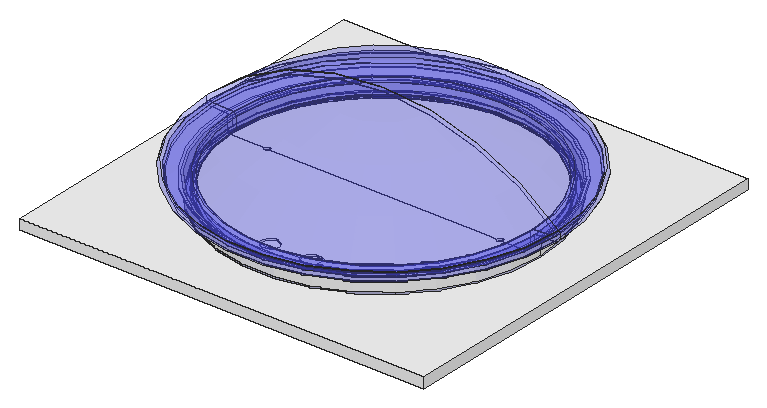
Revit family "BE_12139P_de_DE", category Leuchten, Revit 2020
Family settings
  Basisbauteil = Fläche
  Bemaßung runder Anschluss = Durchmesser verwenden
  Teiletyp = Normal
  Beim Laden mit Abzugskörper schneiden = Ja
  Lichtquelle = Ja
  Gemeinsam genutzt = Nein
  Raumberechnungspunkt = Ja
Parameters (values of type "BEGA_12139P_K3")
  built-in parameter 1150104 = 11.604 (stored number, unit not read)
  Wattage = 26.9 W
  Default Elevation = 0 mm
  built-in parameter 1150113 = 1 (stored number, unit not read)
  built-in parameter 1114218 = 1 (stored number, unit not read)
  Umgebungstemperatur = "25 °C"
  URL = "https://www.bega.com/de/produkt/12139P"
  Typenkommentare = "© 2022 BEGA. Wir behalten uns das Recht vor, technische Änderungen ohne vorherige Ankündigung vorzunehmen."  # constant formula
  built-in parameter 1150134 = (empty or 0)
  built-in parameter 1150109 = 1 (stored number, unit not read)
  Strom = ""
  built-in parameter 1150110 = 1 (stored number, unit not read)
  Spannung = 239.996 V
  Sonderanfertigung = no
  Seriennummer [instance] = "Hier können Sie die eindeutige Seriennummer für das Facility Management eintragen."
  Schutzklasse = "I"
  Schutzart = "IP 20"
  Scheinlast = 0 VA
  Produktdatenblatt = "http://www.bega.de/download/Xrfa/db/12139P.db.de.pdf"
  Oberflächentemperatur = ""
  Neigungswinkel = 0.00°
  Model = "12139PK2"
  Material_17 = BEGA_Reflektor
  Material_15 = BEGA_Leuchtmedium_matt
  Material_14 = BEGA_Kunststoff_opal
  Material_11 = BEGA_Glas_opal
  Material_09 = BEGA_Glas_klar
  Material_06 = BEGA_Oberfläche_Edelstahl_gebürstet
  Material_03 = BEGA_Oberfläche_Weiss_matt
  Material_02 = BEGA_Oberfläche_Silber_matt
  Material_01 [instance] = BEGA_Oberfläche_Grafit_matt
  M_W = no
  M_G = no
  M_A = no
  Logo = 0
  built-in parameter 1114217 = 1 (stored number, unit not read)
  built-in parameter 1150139 = (empty or 0)
  built-in parameter 1150105 = 267.37 (stored number, unit not read)
  built-in parameter 1150114 = 1 (stored number, unit not read)
  Lumens = 3359.81 lm
  built-in parameter 1150115 = 1 (stored number, unit not read)
  Leuchtenlichtstrom = "2613 lm"
  Leuchtenanzahl = ""
  Lebensdauerkriterien = "L70B50 @ 25 °C = 51000 h"
  Lastklassifizierung = Beleuchtung
  built-in parameter 1150112 = 1 (stored number, unit not read)
  Lampenlichtstrom = "3360 lm"
  Lamp = "LED 26.9 W"
  LED_Modulbezeichnung = "LED-0510/927"
  Hersteller = "BEGA"  # constant formula
  Halbstreuwinkel = ""
  Gewicht = "2.5 kg"
  Gebrauchslageneinschränkung [instance] = ""
  Frequenz = "0/50-60 Hz"
  Farbwiedergabeindex = "CRI > 90"
  Farbtemperaturverschiebung bei Dämpfen der Lampe = <Keine Auswahl>
  Farbtemperatur = "2700 K"
  Color Filter = 16777215
  built-in parameter 1150133 = 10 (stored number, unit not read)
  Energieeffizienzklasse = "LED A++ - A"
  built-in parameter 1150137 = (empty or 0)
  built-in parameter 1150132 = (empty or 0)
  ENEC = "ja"
  Dimmbar [instance] = ""
  Photometric Web File = "BE_12139PK2.IES"
  CE_Konformität = "ja"
  Bestellnummer = "12139PK2"
  Beschreibung_Sonderanfertigung = "Hier können Sie Informationen zur Sonderanfertigung eintragen."
  Beschreibung = "Decken- und Wandleuchte"
  built-in parameter 1150106 = 2.6737 (stored number, unit not read)
  Befestigungsbohrung = "Ø 5,5 mm"
  Befestigungsabstand = "230 mm"
  Ballwurfsicher = ""
  BEGA_Intern_aus = yes
  BEGA_Intern_an = yes
  BEGA_Intern_Konstruktion = yes
  BEGA_Intern = yes
  BEGA_IES = yes
  BEGA_Dummy = no
  Anschlussleitung = ""
  Anschlussleistung [instance] = "31.6 W"
  Anschlusskasten = ""
  built-in parameter 1150107 = 2700 (stored number, unit not read)
  built-in parameter 1150102 = (empty or 0)
  built-in parameter 1150138 = (empty or 0)
  Aktualisierung = "2020-07-14T04:00:13"
  Abstand_zur_angestrahlten_Fläche [instance] = ""
  AC/DC = "AC/DC"
Types (2, lengths in mm): name | built-in parameter 1150104 | built-in parameter 1150134 | Model | built-in parameter 1150105 | Lumens | Leuchtenlichtstrom | Lampenlichtstrom | LED_Modulbezeichnung | Farbtemperatur | Photometric Web File | Bestellnummer | built-in parameter 1150106 | built-in parameter 1150107
  BEGA_12139P_K3 | 11.687 (stored number, unit not read) | (empty or 0) | "12139PK3" | 992.59 (stored number, unit not read) | 3384.02 lm | "3088 lm" | "3970 lm" | "LED-0510/930" | "3000 K" | "BE_12139PK3.IES" | "12139PK3" | 9.9259 (stored number, unit not read) | 3000 (stored number, unit not read)
  BEGA_12139P_K27 | 12.124 (stored number, unit not read) | 12 | "12139PK27" | 1029.7 (stored number, unit not read) | 3510.45 lm | "2990 lm" | "3845 lm" | "LED-0510/927" | "2700 K" | "BE_12139PK27.IES" | "12139PK27" | 10.297 (stored number, unit not read) | 4000 (stored number, unit not read)
Reference planes
  plane 1 "Mitte (Vorne/Hinten)": y = 0
  plane 2: z = 0
  plane 3 "Mitte (Links/Rechts)": x = 0
  plane 4 "Links": x = -175.231
  plane 5 "Rechts": x = 175.231
  plane 6 "Unten": y = -175.2
  plane 7 "Oben": y = 175.2
  plane 8 "Vorne": z = 98.4
  plane 9 "Hinten": z = 0
Forms (mm)
  Extrusion 1, solid, material "BEGA_Platte_Weiss"
    sketch origin (0, -1119.2, 0) x (1, 0, 0) y (0, 1, 0)
      loop
        line (-200, 1319.2) -> (-200, 919.2) -> (200, 919.2) -> (200, 1319.2) -> (-200, 1319.2)
    from 0 to -10
  Extrusion 2, solid, material "BEGA_Dummy_matt", visible <- "BEGA_Dummy"
    sketch origin (77.149, -76.023, 0) x (1, 0, 0) y (0, 1, 0)
      loop
        circle (-77.149, 76.023) r 175
    from 0 to 98.4
Dimensions and locks
  plane 1 "Mitte (Vorne/Hinten)" to Extrusion 1 = 200 mm
  aligned and locked: plane 2 to Extrusion 1
  aligned and locked: level to Extrusion 1
Nested families
  nested 1: "BE_12139P" at (0, 0, 0) x (0, -1, 0) z (0, 0, 1), type "BE_12139P"
Connectors
  electrical at (0, 0, 0), driven by "Lastklassifizierung", driven by "Spannung", driven by "Scheinlast"
    settings: index 1, voltage 239.996 V, apparent load 0 VA, apparent load phase1 0 VA, apparent load phase2 0 VA, apparent load phase3 0 VA, power factor 1, load classification "Beleuchtung", number of poles 1, system type 31, power factor state 1, is connector primary yes, connector utility no, sub classification motor no, connector description ""
Definition of nested family "BE_12139P"
  Parameters (values of type "BE_12139P")
    Default Elevation = 1 mm
    URL = "http://www.bega.de/de/produkt"
    Type Comments = "© 2015 BEGA. Wir behalten uns das Recht vor, technische Änderungen ohne vorherige Ankündigung vorzunehmen. "  # constant formula
    Type Image = (empty or 0)
    Neigungswinkel_um_Z2 = 0.00°
    Neigungswinkel_um_Z1 = 0.00°
    Neigungswinkel_um_Y2 = 0.00°
    Neigungswinkel_um_Y1 = 0.00°
    Neigungswinkel_um_X2 = 0.00°
    Neigungswinkel_um_X1 = 0.00°
    Material_17 = none
    Material_15 = none
    Material_14 = none
    Material_11 = none
    Material_09 = none
    Material_06 = none
    Material_05 = none
    Material_03 = none
    Material_02 = none
    Material_01 = none
    M_W = yes
    M_G = yes
    M_A = yes
    Länge_Platte = 500 mm  # constant formula
    Höhe_Platte = -10 mm  # constant formula
    Manufacturer = "BEGA"  # constant formula
    Drehwinkel_um_Z2 = 0.00°
    Drehwinkel_um_Z1 = 0.00°
    Breite_Platte = 500 mm  # constant formula
  Reference planes
    plane 1 "Mitte (Oben/Unten)": y = 0
    plane 2: z = 0
    plane 3 "Mitte (Links/Rechts)": x = 0
    plane 4: y = 175.231
    plane 5: z = 98.4
    plane 6: y = -175.231
    plane 7: x = -175.2
    plane 8: x = 175.2
  Forms (mm)
    Extrusion 1, solid, detail levels medium
      sketch origin (0, 0, 0) x (1, 0, 0) y (0, 1, 0)
        loop
          line (-250, 250) -> (-250, -250) -> (250, -250) -> (250, 250) -> (-250, 250)
      from 0 to -10 <- "Höhe_Platte"
    Revolve 2, solid, material <- "Material_03", detail levels medium+fine
      sketch origin (0, 0, 0) x (0, 1, 0) y (0, 0, 1)
        loop
          line (159, 19.8) -> (159, 20.8) -> (156.831, 20.8)
          arc (156.831, 20.8) -> (155.563, 20.284) -> (155.024, 19.025) r 1.8
          line (155.024, 19.025) -> (154.767, 4.283)
          arc (154.767, 4.283) -> (154.468, 3.587) -> (153.767, 3.3) r 1
          line (153.767, 3.3) -> (0, 3.3) -> (0, 2.3) -> (153.767, 2.3)
          arc (153.767, 2.3) -> (155.169, 2.873) -> (155.767, 4.265) r 2
          line (155.767, 4.265) -> (156.024, 19.01)
          arc (156.024, 19.01) -> (156.264, 19.571) -> (156.829, 19.8) r 0.8
          line (156.829, 19.8) -> (159, 19.8)
        axis (0, 2.3) -> (0, 20.8)
      angle from 0 to 360
    Revolve 3, solid, material <- "Material_03", detail levels medium+fine
      sketch origin (0, 0, 0) x (0, 1, 0) y (0, 0, 1)
        loop
          arc (124.13, 1.943) -> (124.474, 2.206) -> (124.896, 2.3) r 1
          line (124.896, 2.3) -> (125.896, 3.3) -> (117.75, 3.3) -> (117.75, 0) -> (121.108, 0)
          arc (121.108, 0) -> (122.369, 0.281) -> (123.395, 1.067) r 3
          line (123.395, 1.067) -> (124.13, 1.943)
        axis (115, 3.3) -> (115, 0)
      angle from 0 to 360
    Revolve 4, solid, material <- "Material_03", detail levels medium+fine
      sketch origin (0, 0, 0) x (0, -1, 0) y (0, 0, 1)
        loop
          arc (124.13, 1.943) -> (124.474, 2.206) -> (124.896, 2.3) r 1
          line (124.896, 2.3) -> (125.896, 3.3) -> (117.75, 3.3) -> (117.75, 0) -> (121.108, 0)
          arc (121.108, 0) -> (122.369, 0.281) -> (123.395, 1.067) r 3
          line (123.395, 1.067) -> (124.13, 1.943)
        axis (115, 3.3) -> (115, 0)
      angle from 0 to 360
    Extrusion 5, void
      sketch origin (0, 0, 0) x (1, 0, 0) y (0, 1, 0)
        loop
          circle (115, 20) r 8.5
        loop
          circle (115, -20) r 8.5
        loop
          circle (0, 115) r 2.75
        loop
          circle (0, -115) r 2.75
      from 1.096 to 7.205
    Revolve 6, solid, material <- "Material_14", detail levels medium+fine
      sketch origin (0, 0, 0) x (0, 1, 0) y (0, 0, 1)
        loop
          line (153.75, 4.9) -> (153.75, 8.389)
          arc (153.75, 8.389) -> (153.616, 8.889) -> (153.25, 9.256) r 1
          line (153.25, 9.256) -> (149.499, 11.421)
          arc (149.499, 11.421) -> (149.133, 11.787) -> (149, 12.287) r 1
          line (149, 12.287) -> (149, 19.451)
          arc (149, 19.451) -> (149.277, 20.142) -> (149.956, 20.45) r 1
          line (149.956, 20.45) -> (169.559, 21.477)
          arc (169.559, 21.477) -> (174.894, 25.484) -> (173.228, 31.944) r 6
          arc (173.228, 31.944) -> (92.769, 81.216) -> (0, 98.4) r 258.999
          line (0, 98.4) -> (0, 94.4)
          arc (0, 94.4) -> (91.33, 77.483) -> (170.543, 28.978) r 255
          arc (170.543, 28.978) -> (171.123, 26.82) -> (169.341, 25.472) r 2
          line (169.341, 25.472) -> (148.791, 24.394)
          arc (148.791, 24.394) -> (146.425, 23.461) -> (145.1, 21.289) r 4
          line (145.1, 21.289) -> (145.1, 11.074)
          arc (145.1, 11.074) -> (145.5, 9.577) -> (146.592, 8.479) r 3.001
          line (146.592, 8.479) -> (148.263, 7.514)
          arc (148.263, 7.514) -> (149.358, 6.407) -> (149.75, 4.9) r 3.002
          line (149.75, 4.9) -> (153.75, 4.9)
        axis (0, 98.4) -> (0, 4.9)
      angle from 0 to 360
  Cuts and joins
    Extrusion 5 cuts Revolve 2
    Extrusion 5 cuts Revolve 3
    Extrusion 5 cuts Revolve 4
    joined: Revolve 2, Revolve 3, Revolve 4
  Dimensions and locks
    equal spacing: Extrusion 1 sketch curve, plane 3 "Mitte (Links/Rechts)", Extrusion 1 sketch curve
    equal spacing: Extrusion 1 sketch curve, plane 1 "Mitte (Oben/Unten)", Extrusion 1 sketch curve
    "Länge_Platte": Extrusion 1 sketch curve to Extrusion 1 sketch curve
    "Breite_Platte": Extrusion 1 sketch curve to Extrusion 1 sketch curve
    aligned and locked: Extrusion 1 to plane 2
    aligned and locked: level to Extrusion 1
  Automatic sketch dimensions
    Revolve 3 sketch curve to level = 0 mm
    level to Revolve 3 sketch curve = 3.3 mm
    Revolve 3 sketch curve to Revolve 3 sketch curve = 3.351 mm
    Revolve 3 sketch curve to Revolve 3 sketch curve = 0.007 mm
    level to Revolve 3 sketch curve = 1.067 mm
    Revolve 3 sketch curve to Revolve 3 sketch curve = 2.287 mm
    level to Revolve 3 sketch curve = 2.3 mm
    Revolve 3 sketch curve to Revolve 3 sketch curve = 1.501 mm
    Revolve 3 sketch curve to Revolve 3 sketch curve = 0 mm  (x2)
    Revolve 3 sketch curve to Revolve 3 sketch curve = 1 mm  (x2)
    Revolve 3 sketch curve to Revolve 3 sketch curve = 2.75 mm
    level to Revolve 3 sketch curve = 1.943 mm
    Revolve 3 sketch curve to Revolve 3 sketch curve = 0.766 mm
    Revolve 3 sketch curve to level = 2.001 mm
    Revolve 3 sketch curve to Revolve 3 sketch curve = 2 mm
    Revolve 4 sketch curve to level = 0 mm
    Revolve 4 sketch curve to level = 3.3 mm
    Revolve 4 sketch curve to Revolve 4 sketch curve = 3.351 mm
    Revolve 4 sketch curve to Revolve 4 sketch curve = 0.007 mm
    Revolve 4 sketch curve to level = 1.067 mm
    Revolve 4 sketch curve to Revolve 4 sketch curve = 2.287 mm
    Revolve 4 sketch curve to level = 2.3 mm
    Revolve 4 sketch curve to Revolve 4 sketch curve = 1.501 mm
    Revolve 4 sketch curve to Revolve 4 sketch curve = 0 mm  (x2)
    Revolve 4 sketch curve to Revolve 4 sketch curve = 1 mm  (x2)
    Revolve 4 sketch curve to Revolve 4 sketch curve = 2.75 mm
    Revolve 4 sketch curve to level = 1.943 mm
    Revolve 4 sketch curve to Revolve 4 sketch curve = 0.766 mm
    level to Revolve 4 sketch curve = 2.001 mm
    Revolve 4 sketch curve to Revolve 4 sketch curve = 2 mm
    Revolve 3 sketch curve to plane 1 "Mitte (Oben/Unten)" = 117.75 mm
    Revolve 4 sketch curve to plane 1 "Mitte (Oben/Unten)" = 117.75 mm
    Revolve 2 sketch curve to Revolve 2 sketch curve = 0 mm  (x11)
    Revolve 2 sketch curve to plane 1 "Mitte (Oben/Unten)" = 0 mm  (x2)
    level to Revolve 2 sketch curve = 4.3 mm
    level to Revolve 2 sketch curve = 4.283 mm
    Revolve 2 sketch curve to Revolve 2 sketch curve = 1 mm  (x4)
    Revolve 2 sketch curve to Revolve 2 sketch curve = 0.257 mm
    Revolve 2 sketch curve to Revolve 2 sketch curve = 0.8 mm
    Revolve 2 sketch curve to Revolve 2 sketch curve = 0.004 mm
    Revolve 2 sketch curve to Revolve 2 sketch curve = 0.002 mm
    Revolve 2 sketch curve to Revolve 2 sketch curve = 2.169 mm
    Revolve 2 sketch curve to Revolve 2 sketch curve = 14.717 mm
    Revolve 2 sketch curve to Revolve 2 sketch curve = 0.01 mm
    Revolve 2 sketch curve to Revolve 2 sketch curve = 0.015 mm
    level to Revolve 2 sketch curve = 4.265 mm
    Revolve 2 sketch curve to Revolve 2 sketch curve = 4 mm
    Revolve 6 sketch curve to Revolve 6 sketch curve = 0 mm  (x13)
    Revolve 6 sketch curve to plane 1 "Mitte (Oben/Unten)" = 0 mm  (x3)
    plane 1 "Mitte (Oben/Unten)" to Revolve 6 sketch curve = 0 mm
    level to Revolve 6 sketch curve = 8.479 mm
    Revolve 6 sketch curve to Revolve 6 sketch curve = 1.492 mm
    Revolve 6 sketch curve to Revolve 6 sketch curve = 0.156 mm
    Revolve 6 sketch curve to Revolve 6 sketch curve = 1.509 mm
    level to Revolve 6 sketch curve = 7.514 mm
    Revolve 6 sketch curve to Revolve 6 sketch curve = 1.671 mm
    Revolve 6 sketch curve to Revolve 6 sketch curve = 3.9 mm
    level to Revolve 6 sketch curve = 11.421 mm
    Revolve 6 sketch curve to Revolve 6 sketch curve = 1.397 mm
    Revolve 6 sketch curve to Revolve 6 sketch curve = 3.001 mm
    Revolve 6 sketch curve to Revolve 6 sketch curve = 0.956 mm
    Revolve 6 sketch curve to Revolve 6 sketch curve = 0.044 mm
    Revolve 6 sketch curve to Revolve 6 sketch curve = 0.501 mm
    Revolve 6 sketch curve to Revolve 6 sketch curve = 3.251 mm
    Revolve 6 sketch curve to Revolve 6 sketch curve = 1 mm
    Revolve 6 sketch curve to Revolve 6 sketch curve = 19.275 mm
    level to Revolve 6 sketch curve = 25.472 mm
    Revolve 6 sketch curve to Revolve 6 sketch curve = 0.11 mm
    level to Revolve 6 sketch curve = 21.477 mm
    Revolve 6 sketch curve to Revolve 6 sketch curve = 0.219 mm
    Revolve 6 sketch curve to Revolve 6 sketch curve = 2.591 mm
    Revolve 6 sketch curve to level = 160.599 mm
    Revolve 6 sketch curve to Revolve 6 sketch curve = 3.489 mm
    Revolve 6 sketch curve to Revolve 6 sketch curve = 0.348 mm
    Revolve 6 sketch curve to Revolve 6 sketch curve = 0.866 mm  (x2)
    Revolve 6 sketch curve to Revolve 6 sketch curve = 7.164 mm
    Revolve 6 sketch curve to Revolve 6 sketch curve = 0.949 mm
    Revolve 6 sketch curve to Revolve 6 sketch curve = 0.05 mm
    Revolve 6 sketch curve to Revolve 6 sketch curve = 0.889 mm
    Revolve 6 sketch curve to Revolve 6 sketch curve = 1.997 mm
    level to Revolve 6 sketch curve = 94.4 mm
    Revolve 6 sketch curve to Revolve 6 sketch curve = 4 mm
    Revolve 6 sketch curve to Revolve 6 sketch curve = 0.209 mm
    Revolve 6 sketch curve to Revolve 6 sketch curve = 0.499 mm
    Revolve 6 sketch curve to Revolve 6 sketch curve = 0.5 mm
    level to Revolve 6 sketch curve = 9.256 mm
    Revolve 6 sketch curve to Revolve 6 sketch curve = 0.07 mm
    Extrusion 5 sketch curve to plane 3 "Mitte (Links/Rechts)" = 0 mm  (x2)
    plane 1 "Mitte (Oben/Unten)" to Extrusion 5 sketch curve = 20 mm
    Extrusion 5 sketch curve to plane 1 "Mitte (Oben/Unten)" = 20 mm
    plane 3 "Mitte (Links/Rechts)" to Extrusion 5 sketch curve = 115 mm
    Extrusion 5 sketch curve to Extrusion 5 sketch curve = 0 mm
    Revolve 2 sketch curve to plane 1 "Mitte (Oben/Unten)" = 153.767 mm
    Extrusion 5 sketch curve to plane 1 "Mitte (Oben/Unten)" = 115 mm
    Revolve 6 sketch curve to plane 1 "Mitte (Oben/Unten)" = 145.1 mm
    plane 1 "Mitte (Oben/Unten)" to Extrusion 5 sketch curve = 115 mm
    Revolve 6 sketch curve to Revolve 6 sketch curve = 26.07 mm
    radius of Extrusion 5 sketch curve = 8.5 mm  (x2)
    radius of Extrusion 5 sketch curve = 2.75 mm  (x2)
